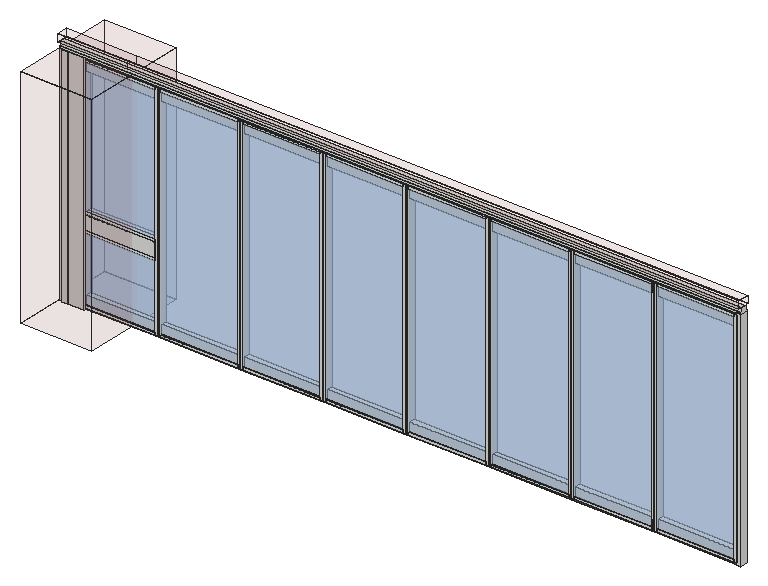
Revit family "Operable-Walls_Modernfold_Acousti-Clear_Automatic_Paired-Panels_Expandable-Panel", category Specialty Equipment, Revit 2026 (continued)
Definition of nested family "Type-III"
  Automatic sketch dimensions
    Extrusion 3 sketch curve to Extrusion 3 sketch curve = 0' - 0.09186"
    plane 3 to Extrusion 3 sketch curve = 0' - 0.09186"
    Extrusion 4 sketch curve to plane 12 = 0' - 0"
    plane 6 "Panel Edge" to Extrusion 4 sketch curve = 0' - 0"
    Extrusion 4 sketch curve to plane 11 = 0' - 0"
    Extrusion 4 sketch curve to plane 13 = 0' - 0"
    Extrusion 4 sketch curve to plane 12 = 0' - 0.09186"
    Extrusion 4 sketch curve to Extrusion 4 sketch curve = 0' - 0.09186"  (x2)
    plane 13 to Extrusion 4 sketch curve = 0' - 0.09186"
    Extrusion 5 sketch curve to plane 13 = 0' - 0"
    Extrusion 5 sketch curve to plane 11 = 0' - 0"
    plane 6 "Panel Edge" to Extrusion 5 sketch curve = 0' - 0"
    Extrusion 5 sketch curve to plane 15 = 0' - 0"
    Extrusion 5 sketch curve to plane 13 = 0' - 0 1/8"
    Extrusion 6 sketch curve to plane 15 = 0' - 0"
    plane 6 "Panel Edge" to Extrusion 6 sketch curve = 0' - 0"
    Extrusion 6 sketch curve to plane 11 = 0' - 0"
    Extrusion 7 sketch curve to plane 12 = 0' - 0"
    plane 12 to Extrusion 7 sketch curve = 0' - 0.09186"  (x2)
    plane 17 to Extrusion 7 sketch curve = 0' - 0.09186"
    Extrusion 7 sketch curve to plane 11 = 0' - 1"
    Extrusion 7 sketch curve to Extrusion 7 sketch curve = 0' - 2.81628"
    Extrusion 8 sketch curve to plane 11 = 0' - 0 7/8"
    Extrusion 8 sketch curve to Extrusion 8 sketch curve = 0' - 3"
    Masking region 5 sketch curve to plane 17 = 0' - 0"
    Masking region 5 sketch curve to Masking region 5 sketch curve = 0' - 0 1/8"
    Masking region 5 sketch curve to Masking region 5 sketch curve = 0' - 0 15/16"
    Masking region 6 sketch curve to plane 13 = 0' - 0"
    Masking region 6 sketch curve to plane 15 = 0' - 0"
    Masking region 6 sketch curve to plane 15 = 0' - 0 1/8"
    Extrusion 10 sketch curve to plane 15 = 0' - 0"
    plane 6 "Panel Edge" to Extrusion 10 sketch curve = 0' - 0"
    Extrusion 10 sketch curve to plane 11 = 0' - 0"
    Extrusion 10 sketch curve to plane 9 = 0' - 0"
    plane 15 to Extrusion 10 sketch curve = 0' - 0.09186"
    plane 11 to Extrusion 10 sketch curve = 0' - 0.09186"
    plane 9 to Extrusion 10 sketch curve = 0' - 0.09186"  (x2)
    Extrusion 11 sketch curve to plane 18 = 0' - 0"
    Extrusion 11 sketch curve to plane 9 = 0' - 0"
    plane 19 to Extrusion 11 sketch curve = 0' - 0 1/2"
    Extrusion 11 sketch curve to Extrusion 11 sketch curve = 0' - 3"
    curve 13 to plane 10 = 0' - 0"
    curve 19 to plane 15 = 0' - 0"
    curve 14 to plane 9 = 0' - 0"
    plane 6 "Panel Edge" to curve 12 = 0' - 0"
    plane 19 to curve 14 = 0' - 0"
    curve 5 to plane 11 = 0' - 0 1/2"
    curve 16 to plane 19 = 0' - 0 1/2"
    radius of curve 5 = 0' - 0 1/2"
Definition of nested family "Panel nose"
  Parameters (values of type "Panel nose")
    zW = 0' - 6 1/8"
    Trim Material = none
    Panel Thickness [instance] = 0' - 3 5/8"
    Panel Material = none
    BulbStack [instance] = yes
    Bulb Seal [instance] = no
    Jamb [instance] = yes
    Fabrication Height = 9' - 11 1/4"
    Default Elevation = 0' - 0"
  Reference planes (in)
    plane 1 "Center (Front/Back)": y = 0
    plane 2: z = 0
    plane 3 "Center (Left/Right)": x = 0
    plane 4: x = 6.125
  Forms (in)
    Extrusion 1, solid, material <- "Panel Material", visible <- "Jamb"
      sketch origin (0.25, 0.65625, 0) x (1, 0, 0) y (0, 1, 0)
        loop
          line (2.625, 2.03125) -> (2.625, -3.34375) -> (11.375, -3.34375) -> (11.375, -2.46875) -> (5.875, -2.46875) -> (5.875, 1.15625) -> (11.375, 1.15625) -> (11.375, 2.03125) -> (2.625, 2.03125)
      from 0 to 119.25 <- "Fabrication Height"
    Extrusion 2, solid, material <- "Panel Material", visible <- "Jamb"
      sketch origin (-2.625, 0.65625, 0) x (1, 0, 0) y (0, 1, 0)
        loop
          line (2.625, 2.03125) -> (2.625, -3.34375) -> (5.5, -3.34375) -> (5.5, 2.03125) -> (2.625, 2.03125)
      from 0 to 119.25 <- "Fabrication Height"
  Lines and regions (in)
    Masking region 1, visible <- "Jamb"
      outline origin (0, 0, 0) x (1, 0, 0) y (0, 1, 0)
        loop
          line (11.625, 2.6875) -> (2.875, 2.6875) -> (2.875, -2.6875) -> (11.625, -2.6875) -> (11.625, -1.8125) -> (6.125, -1.8125) -> (6.125, 1.8125) -> (11.625, 1.8125) -> (11.625, 2.6875)
    Masking region 2, visible <- "Jamb"
      outline origin (-2.875, 0, 0) x (1, 0, 0) y (0, 1, 0)
        loop
          line (5.75, 2.6875) -> (2.875, 2.6875) -> (2.875, -2.6875) -> (5.75, -2.6875) -> (5.75, 2.6875)
    model lines, visible <- "BulbStack"
      curve 1: line (0, 1.25, 0) -> (0, -1.25, 0)
    symbolic lines, visible <- "BulbStack"
      curve 2: line (0, 2.6875, 0) -> (0, -2.6875, 0)
  Dimensions and locks (in)
    locked: Extrusion 1 sketch curve to Extrusion 1 sketch curve at 5.375
    "zW": plane 3 "Center (Left/Right)" to plane 4
    equal spacing: Extrusion 1 sketch curve, plane 1 "Center (Front/Back)", Extrusion 1 sketch curve  (x2)
    "Panel Thickness": Extrusion 1 sketch curve to Extrusion 1 sketch curve
    locked: plane 4 to Extrusion 1 sketch curve at 5.5  (x2)
    locked: Extrusion 2 sketch curve to Extrusion 2 sketch curve at 5.375
    aligned and locked: plane 2 to level
    aligned and locked: plane 4 to Extrusion 1
    aligned and locked: Extrusion 1 to Masking region 1 sketch curve
    aligned and locked: Masking region 1 sketch curve to Extrusion 1  (x5)
    aligned and locked: Extrusion 2 to Masking region 2 sketch curve  (x2)
    aligned and locked: Masking region 2 sketch curve to Extrusion 2
    aligned and locked: plane 3 "Center (Left/Right)" to Extrusion 2 sketch curve
  Automatic sketch dimensions
    Masking region 1 sketch curve to plane 4 = 0' - 0"
    curve 1 to plane 3 "Center (Left/Right)" = 0' - 0"
    curve 2 to plane 3 "Center (Left/Right)" = 0' - 0"
    plane 1 "Center (Front/Back)" to curve 2 = 0' - 2 11/16"
    plane 1 "Center (Front/Back)" to curve 1 = 0' - 1 1/4"
    curve 1 to plane 1 "Center (Front/Back)" = 0' - 1 1/4"
    curve 1 to curve 2 = 0' - 1 7/16"
    plane 1 "Center (Front/Back)" to Extrusion 2 sketch curve = 0' - 2 11/16"
    plane 3 "Center (Left/Right)" to Extrusion 2 sketch curve = 0' - 2 7/8"
    Masking region 2 sketch curve to Masking region 2 sketch curve = 0' - 2 7/8"
    plane 3 "Center (Left/Right)" to Masking region 1 sketch curve = 0' - 2 7/8"
    Extrusion 1 sketch curve to plane 4 = 0' - 0"
    plane 3 "Center (Left/Right)" to Extrusion 1 sketch curve = 0' - 2 7/8"
Definition of nested family "Modernfold Warning"
  Parameters (values of type "Modernfold Warning")
    Warning = "!"
    Text = "Design outside of constraints"
    Text 2 = ""
  Reference planes (in)
    plane 1: y = 0
    plane 2: x = 0
  Lines and regions (in)
    Filled region 1, type "Filled region 1"
      outline origin (0, 0, 0) x (1, 0, 0) y (0, 1, 0)
        loop
          line (0, 0.16703) -> (-0.16703, 0) -> (0, -0.16703) -> (0.16703, 0) -> (0, 0.16703)
  Text (in)
    label "!" at (-0.00306, 0.01684, 0), shows "Warning"
    label "10\" Overlap Required when Center Mount is in use" at (0.05084, -0.34731, 0), shows "Text"
Types (3): name | zTypIII | zNoPckt | Pocket Door Secondary Leaf | Pocket Door Primary Leaf | Description | Clearance Width | Clearance Depth
  (no name) | no | yes | 0' - 0" | 0' - 0" | "Acousti-Clear - Expandable Panel - Paired Panels - No Pocket Door" | 4' - 8" | 3' - 2"
  No Pocket Door | no | yes | 0' - 0" | 0' - 0" | "Acousti-Clear - Expandable Panel - Paired Panels - No Pocket Door" | 4' - 8" | 3' - 2"
  Pocket Door Type III | yes | no | 1' - 11" | 1' - 11" | "Acousti-Clear - Expandable Panel - Paired Panels - Pocket Door Type III" | 5' - 2" | 3' - 8"
